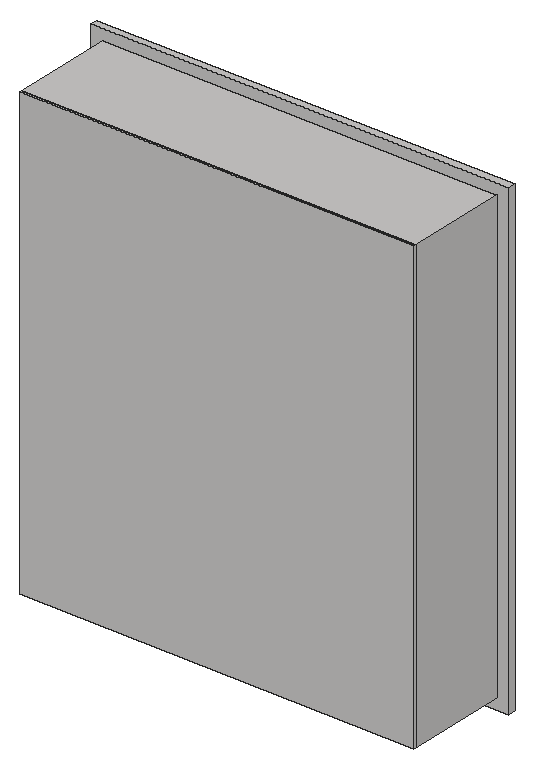
Revit family
Parameters
  Warranty Duration (Years) = 0
  Voltage_MEP = 120 V
  Unit Width = 0' - 0"
  Unit Height = 0' - 0"
  Unit Depth = 0' - 0"
  URL = "http://www.americanspecialties.com/viewCategory.cfm?categoryID=19"
  Specification = "http://www.arcat.com/sdspecs/htm/10811asi.htm"
  SpecWizard = ""
  Sound Pressure = "As Specified in 10 28 00"
  Send Message = "http://www.arcat.com/users.pl?action=UserEmail&company=American%20Specialties,%20Inc.&coid=30448&rep=139&fax=914-476-0688&mf="
  Sales Information = "http://www.americanspecialties.com/contact"
  Revision = "R1_08-2010"
  Product Properties = "http://www.arcat.com/bim/bim_info.pl?fn=AmericanSpecialties"
  Product Data = "http://www.arcat.com/arcatcos/cos30/arc30448.html"
  Motor RPM = 7500
  Motor HP = 0.25
  Model = "As Specified in Section 10 28 00"
  Manufacturer Website = "http://www.americanspecialties.com"
  Manufacturer Phone - Toll Free = ""
  Manufacturer Phone = "914-476-9000 "
  Manufacturer Fax = "914-476-0688"
  Manufacturer Address = "441 Saw Mill River Rd., Yonkers, NY 10701"
  Manufacturer = "American Specialties, Inc."
  Maintenance Schedule (Months) = 0
  MEP Apparent Power = Voltage_MEP * MEP Amperage  # 2196 VA
  MEP Amperage = 18.3 A
  Keynote = "10 28 00"
  Installation-Fabrication = "http://www.americanspecialties.com/products.cfm"
  Installation Phase = ""
  Green Building-LEED = "http://www.arcat.com/green/clients/leed_data_30448.html"
  Expected Lifespan (Years) = 0
  Dry Time = "As Specified in 10 28 00"
  Drawn By = "Robert S. Weygant, CSI, CDT, SCIP"
  Description = "Simplicity Fully Recessed Hand Dryer as Specified in Section 10 28 00"
  Cover Material [instance] = ASI - Stainless Steel - 92 Bright
  Copyright = "2010 ARCAT, Inc."
  Construction Details = "http://www.americanspecialties.com/products.cfm"
  Building Code Conformance = "ADA"
  Available LEED Credit = "EA 1; MR 1.1, 1.2, 1.3, 4.1, 4.2, 7.1, 7.2"
  Assembly Code = "C1030210"
  Air Temperature = "149 F"
Reference planes (in)
  plane 1: y = 0
  plane 2 "Center (Left/Right)": x = 0
  plane 3 "Wall Edge": y = 3
  plane 4: y = 3.25
  plane 5 "Frame L": x = -7.42187
  plane 6 "Frame R": x = 7.42188
  plane 7 "Box L": x = -7
  plane 8 "Box R": x = 7
  plane 9: z = 46.74599
  plane 10: z = 29.96474
Forms (in)
  Extrusion 1, void
    sketch origin (0, 0, 0) x (0, 1, 0) y (0, 0, 1)
      loop
        line (3, 46.35537) -> (-0.6875, 46.35537) -> (-0.6875, 30.35537) -> (3, 30.35537) -> (3, 46.35537)
    from -7 to 7
Text (in)
  text "Placement Side" at (0, 40.15149, 123.01588), in view "Right"
  text "Placement Side" at (-70.3804, 28.46503, 0), in view "Ref. Level"
  text "Placement Side" at (0, 81.62555, 140.59947), in view "Left"
Dimensions and locks (in)
  locked: plane 3 "Wall Edge" to host wall
  locked: plane 3 "Wall Edge" to plane 4 at 0.25
  aligned and locked: plane 7 "Box L" to nested 1
  aligned and locked: plane 5 "Frame L" to nested 1
  aligned and locked: plane 6 "Frame R" to nested 1
  aligned and locked: plane 8 "Box R" to nested 1
  aligned and locked: plane 9 to nested 1
  aligned and locked: plane 10 to nested 1
  aligned and locked: plane 7 "Box L" to Extrusion 1
  aligned and locked: Extrusion 1 to plane 8 "Box R"
Nested families (in)
  nested 1: "Simplicity-One" at (0, 3, 38.35537) x (-1, 0, 0) z (0, 1, 0), Cover Material <- "Cover Material", type "Simplicity-One"
    with Cover Material ASI - Stainless Steel - 92 Bright
Connectors (in)
  electrical at (0, 3, 38.35537), driven by "Voltage_MEP", driven by "MEP Apparent Power"
    settings: on host wall, index 1
Definition of nested family "Simplicity-One"
  Parameters (values of type "Simplicity-One")
    Default Elevation = 4' - 0"
    Cover Material [instance] = none
    Assembly Code = ""
  Reference planes (in)
    plane 1 "Center (Front/Back)": y = 0
    plane 2: z = 0
    plane 3 "Center (Left/Right)": x = 0
  Forms (in)
    Extrusion 1, solid, material <- "Cover Material"
      sketch origin (0, 0, 0) x (1, 0, 0) y (0, 1, 0)
        loop
          line (-7.42187, 8.39062) -> (-7.42187, -8.39063) -> (7.42188, -8.39063) -> (7.42188, 8.39062) -> (-7.42187, 8.39062)
      from 0 to 0.25
    Extrusion 2, solid, material <- "Cover Material"
      sketch origin (0, 0, 0) x (1, 0, 0) y (0, 1, 0)
        loop
          line (-7, 8) -> (-7, -8) -> (7, -8) -> (7, 8) -> (-7, 8)
        loop
          line (6.9375, 7.9375) -> (-6.9375, 7.9375) -> (-6.9375, -7.9375) -> (6.9375, -7.9375) -> (6.9375, 7.9375)
      from 0 to -3.625
    Extrusion 3, solid, material <- "Cover Material"
      sketch origin (0, 0, 0) x (1, 0, 0) y (0, 1, 0)
        loop
          line (7, 8) -> (-7, 8) -> (-7, -8) -> (7, -8) -> (7, 8)
      from -3.6875 to -3.625
    Extrusion 4, solid, material <- "Cover Material", detail levels fine
      sketch origin (0, 0, 0) x (1, 0, 0) y (0, 1, 0)
        loop
          line (-5.6875, -0.55533) -> (-5.6875, -7.19506) -> (5.6875, -7.19506) -> (5.6875, -0.55533) -> (-5.6875, -0.55533)
      from -3.625 to 0
    Blend 5, void, detail levels fine
      base sketch origin (0, 0, 0) x (1, 0, 0) y (0, 1, 0)
        loop
          arc (-4.45312, -1.70313) -> (-4.98346, -1.92279) -> (-5.20312, -2.45313) r 0.75
          line (-5.20312, -2.45313) -> (-5.20312, -5.95313)
          arc (-5.20312, -5.95313) -> (-4.98346, -6.48346) -> (-4.45312, -6.70313) r 0.75
          line (-4.45312, -6.70313) -> (4.45313, -6.70313)
          arc (4.45313, -6.70313) -> (4.98346, -6.48346) -> (5.20313, -5.95313) r 0.75
          line (5.20313, -5.95313) -> (5.20313, -2.45313)
          arc (5.20313, -2.45313) -> (4.98346, -1.92279) -> (4.45313, -1.70313) r 0.75
          line (4.45313, -1.70313) -> (-4.45312, -1.70313)
      top sketch origin (0, 0, 0) x (1, 0, 0) y (0, 1, 0)
        loop
          line (-5.20312, -2.70313) -> (-5.20312, -5.70313) -> (5.20313, -5.70313) -> (5.20313, -2.70313) -> (-5.20312, -2.70313)
      from 0.25 to -2.25
  Cuts and joins
    Blend 5 cuts Extrusion 1
    Blend 5 cuts Extrusion 2
    Blend 5 cuts Extrusion 4
